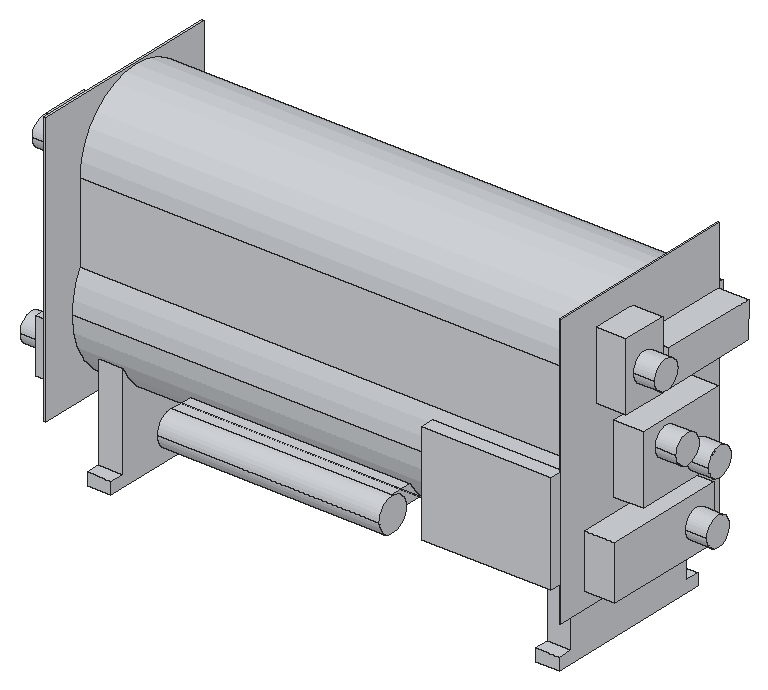
Revit family "M_Resfriador de absorção - Fase única - 3428-4747 kW", category Equipamento mecânico, Revit 2019
Family settings
  Cota do conector redondo = Usar raio
  Tipo de parte = Normal
  Número OmniClass = 23.75.10.24.21.21.11
  Título OmniClass = Absorption Water Chillers
  ID de item do Seek = Absorption Chiller - Single-Stage - 3428-4747 kW-0000-CAN-ENU
  Com base no plano de trabalho = Não
  Sempre na vertical = Sim
  Corte com vazios quando carregada = Não
  Compartilhado = Não
  Ponto de cálculo do ambiente = Não
Parameters (values of type "3428 kW")
  Voltagem = 480 V
  Número de pólos = 3
  Classificação de carga = Refrigeração
  Comprimento 1 = 5258 mm
  Raio da água resfriada = Diâmetro da água resfriada / 2  # 150 mm
  Diâmetro da água resfriada = 300 mm
  Fluxo da água resfriada [instance] = 151.0 L/s
  Queda de pressão da fonte de energia [instance] = 97100.0 Pa
  Queda de pressão da refrigeração da água [instance] = 97100.0 Pa
  Raio da água da refrigeração = Diâmetro da água da refrigeração / 2  # 150 mm
  Diâmetro da água da refrigeração = 300 mm
  Fluxo da água da refrigeração [instance] = 221.0 L/s
  Material do resfriador = none
  Comprimento do resfriador = 6604 mm
  Queda de pressão da água resfriada [instance] = 54500.0 Pa
  Carga aparente = 13000 VA
  Raio da fonte de energia = Diâmetro da fonte de energia / 2  # 150 mm
  Diâmetro da fonte de energia = 300 mm
  Fluxo da água quente [instance] = 221.0 L/s
Types (5, lengths in mm): name | Comprimento 1 | Fluxo da água resfriada | Queda de pressão da fonte de energia | Queda de pressão da refrigeração da água | Fluxo da água da refrigeração | Comprimento do resfriador | Queda de pressão da água resfriada | Carga aparente | Fluxo da água quente
  (no name) | 5258 | 151.0 L/s | 97100.0 Pa | 97100.0 Pa | 221.0 L/s | 6604 | 54500.0 Pa | 13000 VA | 221.0 L/s
  3428 kW | 5258 | 151.0 L/s | 97100.0 Pa | 97100.0 Pa | 221.0 L/s | 6604 | 54500.0 Pa | 13000 VA | 221.0 L/s
  3868 kW | 5868 | 167.0 L/s | 58300.0 Pa | 58300.0 Pa | 250.0 L/s | 7214 | 71300.0 Pa | 14900 VA | 250.0 L/s
  4307 kW | 6477 | 187.0 L/s | 74500.0 Pa | 74500.0 Pa | 278.0 L/s | 7823 | 94700.0 Pa | 14900 VA | 278.0 L/s
  4747 kW | 7087 | 207.0 L/s | 10600.0 Pa | 10600.0 Pa | 307.0 L/s | 8433 | 122000.0 Pa | 14900 VA | 307.0 L/s
Reference planes
  plane 1 "Centro (Frente/Trás)": y = 0
  plane 2: z = 0
  plane 3 "Centro (Esquerda/Direita)": x = 0
  plane 4: x = 241.3
  plane 5: x = 222.25
  plane 6: z = 650.875
  plane 7: y = -279.4
  plane 8: y = 1816.1
  plane 9: z = 3543.3
  plane 10: x = 796.925
  plane 11: x = -5807.075
  plane 12: x = -5251.45
  plane 13: x = -5222.875
  plane 14: y = 914.4
  plane 15: z = 1524
  plane 16: y = 160.337
  plane 17: y = 1668.462
  plane 18: z = 2781.3
  plane 19: z = 830.262
  plane 20: z = 1404.937
  plane 21: y = 1336.675
  plane 22: y = 25.4
  plane 23: x = 565.15
  plane 24: x = -5575.3
  plane 25: z = 2289.175
  plane 26: z = 1562.1
  plane 27: y = 409.575
  plane 28: y = 1406.525
  plane 29: z = 2938.462
  plane 30: z = 3271.837
  plane 31: z = 2554.287
  plane 32: y = 417.512
  plane 33: y = 174.625
  plane 34: y = 660.4
  plane 35: y = 746.125
  plane 36: y = 1797.05
  plane 37: z = 2909.887
  plane 38: z = 2079.625
  plane 39: y = 701.675
  plane 40: y = 1127.125
  plane 41: z = 1771.65
  plane 42: y = 1104.9
  plane 43: z = 1117.6
  plane 44: y = 257.175
  plane 45: y = 1828.8
  plane 46: z = 127
  plane 47: y = 152.4
  plane 48: y = 1676.4
  plane 49: x = -250.825
  plane 50: x = -5010.15
  plane 51: x = -4759.325
  plane 52: z = 1016
  plane 53: z = 2082.8
  plane 54: x = -1149.35
  plane 55: y = -393.7
  plane 56: y = -239.713
  plane 57: x = -339.725
  plane 58: z = 1028.7
  plane 59: z = 2501.9
  plane 60: z = 2900.362
  plane 61: x = -730.25
  plane 62: x = 149.225
  plane 63: y = 1978.025
  plane 64: x = -614.362
  plane 65: x = -5016.7
  plane 66: z = 817.562
  plane 67: z = 944.562
  plane 68: x = -741.362
  plane 69: x = -4889.7
  plane 70: y = 1855.787
  plane 71: z = 2528.887
  plane 72: z = 2401.887
  plane 73: y = 1728.787
  plane 74: x = -4746.625
  plane 75: x = -4175.125
  plane 76: z = 65.087
  plane 77: z = 928.687
  plane 78: y = 1616.075
  plane 79: z = 920.75
  plane 80: y = -79.375
  plane 81: x = -1708.15
  plane 82: x = -4059.237
  plane 83: z = 1098.55
  plane 84: x = -4046.537
  plane 85: x = -1720.85
  plane 86: x = -463.55
  plane 87: z = 1168.4
Forms (mm)
  Extrusion 1, solid, material <- "Material do resfriador"
    sketch origin (0, 0, 0) x (0, 1, 0) y (0, 0, 1)
      loop
        line (-279.4, 3543.3) -> (-279.4, 650.875) -> (1816.1, 650.875) -> (1816.1, 3543.3) -> (-279.4, 3543.3)
    from 222.25 to 241.3
  Extrusion 2, solid, material <- "Material do resfriador"
    sketch origin (0, 0, 0) x (0, 1, 0) y (0, 0, 1)
      loop
        line (-279.4, 3543.3) -> (-279.4, 650.875) -> (1816.1, 650.875) -> (1816.1, 3543.3) -> (-279.4, 3543.3)
    from -5251.45 to -5222.875
  Extrusion 3, solid, material <- "Material do resfriador"
    sketch origin (0, 0, 0) x (0, 1, 0) y (0, 0, 1)
      loop
        circle (914.4, 1524) r 856.456
    from -5222.875 to 222.25
  Extrusion 4, solid, material <- "Material do resfriador"
    sketch origin (0, 0, 0) x (0, 1, 0) y (0, 0, 1)
      loop
        arc (1668.462, 2781.3) -> (914.4, 3535.362) -> (160.337, 2781.3) r 754.063
        line (160.337, 2781.3) -> (160.337, 1524) -> (1668.462, 1524) -> (1668.462, 2781.3)
    from 222.25 to -5222.875
  Extrusion 5, solid, material <- "Material do resfriador"
    sketch origin (0, 0, 0) x (0, 1, 0) y (0, 0, 1)
      loop
        line (25.4, 1404.937) -> (25.4, 830.262) -> (1336.675, 830.262) -> (1336.675, 1404.937) -> (25.4, 1404.937)
    from 241.3 to 565.15
  Extrusion 6, solid, material <- "Material do resfriador"
    sketch origin (0, 0, 0) x (0, 1, 0) y (0, 0, 1)
      loop
        line (25.4, 1404.937) -> (25.4, 830.262) -> (1336.675, 830.262) -> (1336.675, 1404.937) -> (25.4, 1404.937)
    from -5575.3 to -5251.45
  Extrusion 7, solid, material <- "Material do resfriador"
    sketch origin (0, 0, 0) x (0, 1, 0) y (0, 0, 1)
      loop
        line (409.575, 2289.175) -> (409.575, 1562.1) -> (1406.525, 1562.1) -> (1406.525, 2289.175) -> (409.575, 2289.175)
    from 241.3 to 565.15
  Extrusion 8, solid, material <- "Material do resfriador"
    sketch origin (0, 0, 0) x (0, 1, 0) y (0, 0, 1)
      loop
        line (409.575, 2289.175) -> (409.575, 1562.1) -> (1406.525, 1562.1) -> (1406.525, 2289.175) -> (409.575, 2289.175)
    from -5251.45 to -5575.3
  Extrusion 9, solid, material <- "Material do resfriador"
    sketch origin (0, 0, 0) x (0, 1, 0) y (0, 0, 1)
      loop
        line (174.625, 3271.837) -> (174.625, 2554.287) -> (660.4, 2554.287) -> (660.4, 3271.837) -> (174.625, 3271.837)
    from 241.3 to 565.15
  Extrusion 10, solid, material <- "Material do resfriador"
    sketch origin (0, 0, 0) x (0, 1, 0) y (0, 0, 1)
      loop
        line (174.625, 3271.837) -> (174.625, 2554.287) -> (660.4, 2554.287) -> (660.4, 3271.837) -> (174.625, 3271.837)
    from -5575.3 to -5251.45
  Extrusion 11, solid, material <- "Material do resfriador"
    sketch origin (0, 0, 0) x (0, 1, 0) y (0, 0, 1)
      loop
        line (746.125, 2938.462) -> (746.125, 2554.287) -> (1797.05, 2554.287) -> (1797.05, 2938.462) -> (746.125, 2938.462)
    from 241.3 to 565.15
  Extrusion 12, solid, material <- "Material do resfriador"
    sketch origin (0, 0, 0) x (0, 1, 0) y (0, 0, 1)
      loop
        line (746.125, 2938.462) -> (746.125, 2554.287) -> (1797.05, 2554.287) -> (1797.05, 2938.462) -> (746.125, 2938.462)
    from -5575.3 to -5251.45
  Extrusion 13, solid, material <- "Material do resfriador"
    sketch origin (0, 0, 0) x (0, 1, 0) y (0, 0, 1)
      loop
        circle (417.512, 2909.887) r 150
    from 565.15 to 796.925
  Extrusion 14, solid, material <- "Material do resfriador"
    sketch origin (0, 0, 0) x (0, 1, 0) y (0, 0, 1)
      loop
        circle (701.675, 2079.625) r 150
      loop
        circle (1127.125, 1771.65) r 150
    from 565.15 to 796.925
  Extrusion 15, solid, material <- "Material do resfriador"
    sketch origin (0, 0, 0) x (0, 1, 0) y (0, 0, 1)
      loop
        circle (1104.9, 1117.6) r 150
    from 565.15 to 796.925
  Extrusion 16, solid, material <- "Material do resfriador"
    sketch origin (0, 0, 0) x (0, 1, 0) y (0, 0, 1)
      loop
        circle (417.512, 2909.887) r 150
    from -5807.075 to -5575.3
  Extrusion 17, solid, material <- "Material do resfriador"
    sketch origin (0, 0, 0) x (0, 1, 0) y (0, 0, 1)
      loop
        circle (257.175, 1117.6) r 150
    from -5807.075 to -5575.3
  Extrusion 18, solid, material <- "Material do resfriador"
    sketch origin (0, 0, 0) x (0, 1, 0) y (0, 0, 1)
      loop
        line (0, 127) -> (0, 0) -> (1828.8, 0) -> (1828.8, 127) -> (1676.4, 127) -> (1676.4, 1524) -> (152.4, 1524) -> (152.4, 127) -> (0, 127)
    from -250.825 to 0
  Extrusion 19, solid, material <- "Material do resfriador"
    sketch origin (0, 0, 0) x (0, 1, 0) y (0, 0, 1)
      loop
        line (0, 127) -> (0, 0) -> (1828.8, 0) -> (1828.8, 127) -> (1676.4, 127) -> (1676.4, 1524) -> (152.4, 1524) -> (152.4, 127) -> (0, 127)
    from -5010.15 to -4759.325
  Extrusion 20, solid, material <- "Material do resfriador"
    sketch origin (0, 0, 0) x (1, 0, 0) y (0, 0, 1)
      loop
        line (-1149.35, 2082.8) -> (-1149.35, 1016) -> (222.25, 1016) -> (222.25, 2082.8) -> (-1149.35, 2082.8)
    from 239.712 to 393.7
  Extrusion 21, solid, material <- "Material do resfriador"
    sketch origin (0, 0, 0) x (1, 0, 0) y (0, 0, 1)
      loop
        line (-1149.35, 1028.7) -> (-1149.35, 1016) -> (-339.725, 1016) -> (-339.725, 1028.7) -> (-1149.35, 1028.7)
    from -914.4 to 239.712
  Extrusion 22, solid, material <- "Material do resfriador"
    sketch origin (0, 0, 0) x (1, 0, 0) y (0, 0, 1)
      loop
        line (149.225, 2900.362) -> (-730.25, 2900.362) -> (-730.25, 2501.9) -> (149.225, 2501.9) -> (149.225, 2900.362)
    from -1978.025 to -914.4
  Sweep 23, solid, material <- "Material do resfriador"
    path in 3D
      loop
        line (-614.362, 1855.787, 2501.9) -> (-614.362, 1855.787, 944.562)
        arc (-614.362, 1855.787, 944.562) -> (-651.56, 1855.787, 854.76) -> (-741.362, 1855.787, 817.562) r 127
        line (-741.362, 1855.787, 817.562) -> (-4889.7, 1855.787, 817.562)
        arc (-4889.7, 1855.787, 817.562) -> (-4979.503, 1855.787, 854.76) -> (-5016.7, 1855.787, 944.562) r 127
        line (-5016.7, 1855.787, 944.562) -> (-5016.7, 1855.787, 2401.887)
        arc (-5016.7, 1855.787, 2401.887) -> (-5016.7, 1818.59, 2491.69) -> (-5016.7, 1728.787, 2528.887) r 127
        line (-5016.7, 1728.787, 2528.887) -> (-5016.7, 914.4, 2528.887)
    profile origin (-5016.7, 1321.594, 2528.887) x (0, 0, 1) y (-1, 0, 0)
      loop
        circle (0, 0) r 50.8
  Extrusion 24, solid, material <- "Material do resfriador"
    sketch origin (0, 0, 0) x (1, 0, 0) y (0, 0, 1)
      loop
        line (-4175.125, 928.687) -> (-4746.625, 928.687) -> (-4746.625, 65.087) -> (-4175.125, 65.087) -> (-4175.125, 928.687)
    from -1978.025 to -1616.075
  Extrusion 25, solid, material <- "Material do resfriador"
    sketch origin (0, 0, 0) x (0, 1, 0) y (0, 0, 1)
      loop
        circle (-79.375, 920.75) r 177.8
    from -4059.238 to -1708.15
  Extrusion 26, solid, material <- "Material do resfriador"
    sketch origin (0, 0, 0) x (0, 1, 0) y (0, 0, 1)
      loop
        line (914.4, 1098.55) -> (-79.375, 1098.55) -> (-79.375, 920.75) -> (914.4, 920.75) -> (914.4, 1098.55)
    from -4046.538 to -1720.85
  Extrusion 27, solid, material <- "Material do resfriador"
    sketch origin (0, 0, 0) x (1, 0, 0) y (0, 0, 1)
      loop
        circle (-463.55, 1168.4) r 31.75
    from 239.712 to 393.7
Cuts and joins
  joined: Extrusion 1, Extrusion 2, Extrusion 3, Extrusion 4, Extrusion 5, Extrusion 6, Extrusion 7, Extrusion 8, Extrusion 9, Extrusion 10, Extrusion 11, Extrusion 12, Extrusion 13, Extrusion 14, Extrusion 15, Extrusion 16, Extrusion 17, Extrusion 18, Extrusion 19, Extrusion 20, Extrusion 21, Extrusion 22, Sweep 23, Extrusion 24, Extrusion 25, Extrusion 26, Extrusion 27
Lines and regions (mm)
  reference lines
    curve 1: line (-614.362, 1855.787, 2501.9) -> (-614.362, 1855.787, 944.562)
    curve 2: line (-741.362, 1855.787, 817.562) -> (-4889.7, 1855.787, 817.562)
    curve 3: line (-5016.7, 1855.787, 2401.887) -> (-5016.7, 1855.787, 944.562)
    curve 4: arc (-614.362, 1855.787, 944.562) -> (-651.56, 1855.787, 854.76) -> (-741.362, 1855.787, 817.562) r 127
    curve 5: arc (-4889.7, 1855.787, 817.562) -> (-4979.503, 1855.787, 854.76) -> (-5016.7, 1855.787, 944.562) r 127
    curve 6: line (-5016.7, 1728.787, 2528.887) -> (-5016.7, 914.4, 2528.887)
    curve 7: arc (-5016.7, 1728.787, 2528.887) -> (-5016.7, 1818.59, 2491.69) -> (-5016.7, 1855.787, 2401.887) r 127
  sketch lines
    curve 8: line (-5016.7, 1728.787, 2528.887) -> (-5016.7, 914.4, 2528.887)
    curve 9: arc (-5016.7, 1728.787, 2528.887) -> (-5016.7, 1818.59, 2491.69) -> (-5016.7, 1855.787, 2401.887) r 127
    curve 10: line (-5016.7, 1855.787, 2401.887) -> (-5016.7, 1855.787, 944.562)
    curve 11: arc (-4889.7, 1855.787, 817.562) -> (-4979.503, 1855.787, 854.76) -> (-5016.7, 1855.787, 944.562) r 127
    curve 12: line (-741.362, 1855.787, 817.562) -> (-4889.7, 1855.787, 817.562)
    curve 13: arc (-614.362, 1855.787, 944.562) -> (-651.56, 1855.787, 854.76) -> (-741.362, 1855.787, 817.562) r 127
    curve 14: line (-614.362, 1855.787, 2501.9) -> (-614.362, 1855.787, 944.562)
Dimensions and locks
  locked: plane 4 to plane 3 "Centro (Esquerda/Direita)" at 241.3
  locked: plane 4 to plane 5 at 19.05
  locked: plane 6 to plane 2 at 650.875
  locked: plane 7 to plane 1 "Centro (Frente/Trás)" at 279.4
  locked: plane 1 "Centro (Frente/Trás)" to plane 8 at 1816.1
  locked: plane 9 to plane 2 at 3543.3
  locked: plane 10 to plane 4 at 555.625
  "Comprimento do resfriador": plane 10 to plane 11
  locked: plane 12 to plane 11 at 555.625
  locked: plane 13 to plane 12 at 28.575
  locked: plane 1 "Centro (Frente/Trás)" to plane 14 at 914.4
  locked: plane 15 to plane 2 at 1524
  equal spacing: plane 16, plane 14, plane 17
  locked: plane 16 to plane 17 at 1508.125
  locked: plane 18 to plane 15 at 1257.3
  locked: plane 19 to plane 6 at 179.388
  locked: plane 20 to plane 19 at 574.675
  locked: plane 1 "Centro (Frente/Trás)" to plane 22 at 25.4
  locked: plane 22 to plane 21 at 1311.275
  locked: plane 10 to plane 23 at 231.775
  locked: plane 24 to plane 11 at 231.775
  locked: plane 25 to plane 2 at 2289.175
  locked: plane 25 to plane 26 at 727.075
  locked: plane 1 "Centro (Frente/Trás)" to plane 27 at 409.575
  locked: plane 27 to plane 28 at 996.95
  locked: plane 29 to plane 2 at 2938.463
  locked: plane 9 to plane 30 at 271.463
  locked: plane 30 to plane 31 at 717.55
  locked: plane 1 "Centro (Frente/Trás)" to plane 32 at 417.512
  locked: plane 33 to plane 34 at 485.775
  equal spacing: plane 33, plane 32, plane 34
  locked: plane 34 to plane 35 at 85.725
  locked: plane 35 to plane 36 at 1050.925
  locked: plane 37 to plane 2 at 2909.888
  locked: plane 38 to plane 2 at 2079.625
  locked: plane 1 "Centro (Frente/Trás)" to plane 39 at 701.675
  locked: plane 39 to plane 40 at 425.45
  locked: plane 41 to plane 2 at 1771.65
  locked: plane 43 to plane 2 at 1117.6
  locked: plane 1 "Centro (Frente/Trás)" to plane 44 at 257.175
  locked: plane 14 to plane 45 at 914.4
  locked: plane 46 to plane 2 at 127
  locked: plane 1 "Centro (Frente/Trás)" to plane 47 at 152.4
  locked: plane 48 to plane 45 at 152.4
  locked: plane 3 "Centro (Esquerda/Direita)" to plane 49 at 250.825
  locked: plane 50 to plane 12 at 241.3
  locked: plane 51 to plane 50 at 250.825
  locked: plane 52 to plane 2 at 1016
  locked: plane 53 to plane 52 at 1066.8
  locked: plane 5 to plane 54 at 1371.6
  locked: plane 55 to plane 1 "Centro (Frente/Trás)" at 393.7
  locked: plane 55 to plane 56 at 153.988
  locked: plane 57 to plane 54 at 809.625
  locked: plane 58 to plane 52 at 12.7
  locked: plane 2 to plane 59 at 2501.9
  locked: plane 59 to plane 60 at 398.462
  locked: plane 61 to plane 4 at 971.55
  locked: plane 61 to plane 62 at 879.475
  locked: plane 14 to plane 63 at 1063.625
  locked: plane 64 to plane 3 "Centro (Esquerda/Direita)" at 614.363
  "Comprimento 1": plane 65 to plane 4
  locked: plane 2 to plane 66 at 817.562
  locked: plane 66 to plane 67 at 127
  locked: plane 68 to plane 64 at 127
  locked: plane 65 to plane 69 at 127
  locked: plane 14 to plane 70 at 941.388
  locked: plane 66 to plane 71 at 1711.325
  locked: plane 72 to plane 71 at 127
  locked: plane 73 to plane 70 at 127
  locked: plane 42 to plane 21 at 231.775
  locked: plane 3 "Centro (Esquerda/Direita)" to plane 74 at 4746.625
  locked: plane 74 to plane 75 at 571.5
  locked: plane 2 to plane 76 at 65.088
  locked: plane 76 to plane 77 at 863.6
  locked: plane 78 to plane 63 at 361.95
  locked: plane 79 to plane 2 at 920.75
  locked: plane 14 to plane 80 at 993.775
  locked: plane 3 "Centro (Esquerda/Direita)" to plane 81 at 1708.15
  locked: plane 81 to plane 82 at 2351.088
  locked: plane 83 to plane 79 at 177.8
  locked: plane 84 to plane 82 at 12.7
  locked: plane 81 to plane 85 at 12.7
  equal spacing: plane 5, plane 86, plane 54
  locked: plane 87 to plane 52 at 152.4
  radius of Extrusion 3 sketch curve = 856.456 mm
  radius of Extrusion 4 sketch curve = 754.063 mm
  "Raio da água da refrigeração": radius of Extrusion 13 sketch curve
  "Raio da água resfriada": radius of Extrusion 14 sketch curve  (x2)
  "Raio da fonte de energia": radius of Extrusion 15 sketch curve
  "Raio da água da refrigeração": radius of Extrusion 16 sketch curve
  "Raio da fonte de energia": radius of Extrusion 17 sketch curve
  radius of curve 4 = 127 mm
  radius of curve 5 = 127 mm
  radius of curve 7 = 127 mm
  radius of Sweep 23 sketch curve = 50.8 mm
  radius of Extrusion 25 sketch curve = 177.8 mm
  radius of Extrusion 27 sketch curve = 31.75 mm
  aligned and locked: plane 7 to Extrusion 1 sketch curve
  aligned and locked: Extrusion 1 sketch curve to plane 9
  aligned and locked: plane 6 to Extrusion 1 sketch curve
  aligned and locked: Extrusion 1 sketch curve to plane 8
  aligned and locked: plane 4 to Extrusion 1
  aligned and locked: Extrusion 1 to plane 5
  aligned and locked: Extrusion 2 sketch curve to plane 9
  aligned and locked: plane 7 to Extrusion 2 sketch curve
  aligned and locked: plane 6 to Extrusion 2 sketch curve
  aligned and locked: Extrusion 2 sketch curve to plane 8
  aligned and locked: Extrusion 2 to plane 12
  aligned and locked: plane 13 to Extrusion 2
  aligned and locked: plane 14 to Extrusion 3 sketch curve
  aligned and locked: plane 15 to Extrusion 3 sketch curve
  aligned and locked: Extrusion 3 to plane 13
  aligned and locked: plane 5 to Extrusion 3
  aligned and locked: plane 18 to Extrusion 4 sketch curve  (x3)
  aligned and locked: plane 15 to Extrusion 4 sketch curve
  aligned and locked: Extrusion 4 sketch curve to plane 17
  aligned and locked: plane 17 to Extrusion 4 sketch curve
  aligned and locked: plane 16 to Extrusion 4 sketch curve
  aligned and locked: Extrusion 4 sketch curve to plane 15
  aligned and locked: plane 5 to Extrusion 4
  aligned and locked: Extrusion 4 to plane 13
  aligned and locked: plane 22 to Extrusion 5 sketch curve
  aligned and locked: Extrusion 5 sketch curve to plane 20
  aligned and locked: plane 19 to Extrusion 5 sketch curve
  aligned and locked: Extrusion 5 sketch curve to plane 21
  aligned and locked: plane 23 to Extrusion 5
  aligned and locked: Extrusion 5 to plane 4
  aligned and locked: plane 22 to Extrusion 6 sketch curve
  aligned and locked: Extrusion 6 sketch curve to plane 20
  aligned and locked: plane 19 to Extrusion 6 sketch curve
  aligned and locked: Extrusion 6 sketch curve to plane 21
  aligned and locked: Extrusion 6 to plane 24
  aligned and locked: plane 12 to Extrusion 6
  aligned and locked: plane 27 to Extrusion 7 sketch curve
  aligned and locked: Extrusion 7 sketch curve to plane 25
  aligned and locked: plane 26 to Extrusion 7 sketch curve
  aligned and locked: Extrusion 7 sketch curve to plane 28
  aligned and locked: plane 23 to Extrusion 7
  aligned and locked: Extrusion 7 to plane 4
  aligned and locked: Extrusion 8 sketch curve to plane 25
  aligned and locked: Extrusion 8 sketch curve to plane 28
  aligned and locked: plane 27 to Extrusion 8 sketch curve
  aligned and locked: plane 26 to Extrusion 8 sketch curve
  aligned and locked: Extrusion 8 to plane 24
  aligned and locked: plane 12 to Extrusion 8
  aligned and locked: plane 33 to Extrusion 9 sketch curve
  aligned and locked: Extrusion 9 sketch curve to plane 30
  aligned and locked: plane 31 to Extrusion 9 sketch curve
  aligned and locked: Extrusion 9 sketch curve to plane 34
  aligned and locked: plane 23 to Extrusion 9
  aligned and locked: Extrusion 9 to plane 4
  aligned and locked: Extrusion 10 sketch curve to plane 30
  aligned and locked: plane 33 to Extrusion 10 sketch curve
  aligned and locked: plane 31 to Extrusion 10 sketch curve
  aligned and locked: Extrusion 10 sketch curve to plane 34
  aligned and locked: Extrusion 10 to plane 24
  aligned and locked: plane 12 to Extrusion 10
  aligned and locked: plane 35 to Extrusion 11 sketch curve
  aligned and locked: Extrusion 11 sketch curve to plane 29
  aligned and locked: plane 31 to Extrusion 11 sketch curve
  aligned and locked: Extrusion 11 sketch curve to plane 36
  aligned and locked: plane 23 to Extrusion 11
  aligned and locked: Extrusion 11 to plane 4
  aligned and locked: Extrusion 12 sketch curve to plane 29
  aligned and locked: plane 35 to Extrusion 12 sketch curve
  aligned and locked: plane 31 to Extrusion 12 sketch curve
  aligned and locked: Extrusion 12 sketch curve to plane 36
  aligned and locked: Extrusion 12 to plane 24
  aligned and locked: plane 12 to Extrusion 12
  aligned and locked: plane 32 to Extrusion 13 sketch curve
  aligned and locked: plane 37 to Extrusion 13 sketch curve
  aligned and locked: plane 10 to Extrusion 13
  aligned and locked: Extrusion 13 to plane 23
  aligned and locked: plane 39 to Extrusion 14 sketch curve
  aligned and locked: plane 38 to Extrusion 14 sketch curve
  aligned and locked: plane 41 to Extrusion 14 sketch curve
  aligned and locked: plane 40 to Extrusion 14 sketch curve
  aligned and locked: plane 10 to Extrusion 14
  aligned and locked: Extrusion 14 to plane 23
  aligned and locked: plane 43 to Extrusion 15 sketch curve
  aligned and locked: plane 42 to Extrusion 15 sketch curve
  aligned and locked: plane 10 to Extrusion 15
  aligned and locked: Extrusion 15 to plane 23
  aligned and locked: plane 32 to Extrusion 16 sketch curve
  aligned and locked: plane 37 to Extrusion 16 sketch curve
  aligned and locked: Extrusion 16 to plane 11
  aligned and locked: plane 24 to Extrusion 16
  aligned and locked: plane 43 to Extrusion 17 sketch curve
  aligned and locked: plane 44 to Extrusion 17 sketch curve
  aligned and locked: Extrusion 17 to plane 11
  aligned and locked: plane 24 to Extrusion 17
  aligned and locked: plane 1 "Centro (Frente/Trás)" to Extrusion 18 sketch curve  (x2)
  aligned and locked: Extrusion 18 sketch curve to plane 46  (x2)
  aligned and locked: plane 46 to Extrusion 18 sketch curve  (x2)
  aligned and locked: plane 47 to Extrusion 18 sketch curve  (x2)
  aligned and locked: plane 45 to Extrusion 18 sketch curve
  aligned and locked: Extrusion 18 sketch curve to plane 2
  aligned and locked: plane 2 to Extrusion 18 sketch curve
  aligned and locked: Extrusion 18 sketch curve to plane 45
  aligned and locked: plane 15 to Extrusion 18 sketch curve
  aligned and locked: Extrusion 18 sketch curve to plane 48
  aligned and locked: Extrusion 18 sketch curve to plane 15
  aligned and locked: Extrusion 18 to plane 49
  aligned and locked: plane 3 "Centro (Esquerda/Direita)" to Extrusion 18
  aligned and locked: plane 47 to Extrusion 19 sketch curve  (x2)
  aligned and locked: Extrusion 19 sketch curve to plane 46
  aligned and locked: plane 1 "Centro (Frente/Trás)" to Extrusion 19 sketch curve  (x2)
  aligned and locked: plane 46 to Extrusion 19 sketch curve  (x3)
  aligned and locked: plane 15 to Extrusion 19 sketch curve  (x2)
  aligned and locked: plane 45 to Extrusion 19 sketch curve  (x2)
  aligned and locked: Extrusion 19 sketch curve to plane 2
  aligned and locked: plane 2 to Extrusion 19 sketch curve
  aligned and locked: plane 48 to Extrusion 19 sketch curve  (x2)
  aligned and locked: Extrusion 19 to plane 50
  aligned and locked: plane 51 to Extrusion 19
  aligned and locked: Extrusion 20 sketch curve to plane 53
  aligned and locked: plane 54 to Extrusion 20 sketch curve
  aligned and locked: Extrusion 20 sketch curve to plane 5
  aligned and locked: plane 52 to Extrusion 20 sketch curve
  aligned and locked: Extrusion 20 to plane 55
  aligned and locked: plane 56 to Extrusion 20
  aligned and locked: plane 52 to Extrusion 21 sketch curve
  aligned and locked: Extrusion 21 sketch curve to plane 58
  aligned and locked: plane 54 to Extrusion 21 sketch curve
  aligned and locked: Extrusion 21 sketch curve to plane 57
  aligned and locked: Extrusion 21 to plane 56
  aligned and locked: plane 14 to Extrusion 21
  aligned and locked: plane 62 to Extrusion 22 sketch curve
  aligned and locked: plane 60 to Extrusion 22 sketch curve
  aligned and locked: plane 59 to Extrusion 22 sketch curve
  aligned and locked: plane 61 to Extrusion 22 sketch curve
  aligned and locked: plane 63 to Extrusion 22
  aligned and locked: Extrusion 22 to plane 14
  aligned and locked: plane 72 to curve 3
  aligned and locked: plane 67 to curve 3
  aligned and locked: curve 3 to plane 65
  aligned and locked: plane 69 to curve 2
  aligned and locked: plane 68 to curve 2
  aligned and locked: curve 2 to plane 66
  aligned and locked: plane 59 to curve 1
  aligned and locked: plane 67 to curve 1
  aligned and locked: curve 1 to plane 64
  aligned and locked: plane 68 to curve 4
  aligned and locked: plane 67 to curve 5
  aligned and locked: plane 69 to curve 5
  aligned and locked: plane 14 to curve 6
  aligned and locked: plane 73 to curve 6
  aligned and locked: plane 72 to curve 7
  aligned and locked: plane 73 to curve 7
  aligned and locked: plane 65 to Sweep 23 sketch curve
  aligned and locked: plane 71 to Sweep 23 sketch curve
  aligned and locked: plane 75 to Extrusion 24 sketch curve
  aligned and locked: plane 77 to Extrusion 24 sketch curve
  aligned and locked: plane 76 to Extrusion 24 sketch curve
  aligned and locked: plane 74 to Extrusion 24 sketch curve
  aligned and locked: Extrusion 24 to plane 63
  aligned and locked: Extrusion 24 to plane 78
  aligned and locked: plane 79 to Extrusion 25 sketch curve
  aligned and locked: plane 80 to Extrusion 25 sketch curve
  aligned and locked: Extrusion 25 to plane 82
  aligned and locked: plane 81 to Extrusion 25
  aligned and locked: Extrusion 26 sketch curve to plane 83
  aligned and locked: Extrusion 26 sketch curve to plane 14
  aligned and locked: Extrusion 26 sketch curve to plane 80
  aligned and locked: plane 79 to Extrusion 26 sketch curve
  aligned and locked: plane 85 to Extrusion 26
  aligned and locked: Extrusion 26 to plane 84
  aligned and locked: Extrusion 27 to plane 55
  aligned and locked: plane 56 to Extrusion 27
Automatic sketch dimensions
  Extrusion 27 sketch curve to plane 86 = 0 mm
  Extrusion 27 sketch curve to plane 87 = 0 mm
Connectors
  piping at (796.925, 1127.125, 1771.65), diameter 300, driven by "Fluxo da água resfriada", driven by "Raio da água resfriada", driven by "Queda de pressão da água resfriada"
    settings: on cut or joined group 1 (Extrusion 1, Extrusion 2, Extrusion 3, Extrusion 4, Extrusion 5, Extrusion 6, Extrusion 7, Extrusion 8, Extrusion 9, Extrusion 10, Extrusion 11, Extrusion 12, Extrusion 13, Extrusion 14, Extrusion 15, Extrusion 16, Extrusion 17, Extrusion 18, Extrusion 19, Extrusion 20, Extrusion 21, Extrusion 22, Sweep 23, Extrusion 24, Extrusion 25, Extrusion 26, Extrusion 27), index 1, connector inside diameter 300 mm, connector length 0 mm, flow factor 0, pipe flow 151.0 L/s, pressure drop 54500.0 Pa, fitting loss kfactor 0, connector angle 0.00°, fixture units 0, engagement length 0 mm, angle of deflection 0.00°, flow configuration 1, flow direction 2, fitting loss method 4, system type 7, joint type 0, gender type 0, connector reference index 2, connector utility 0, adjustable connector no, is connector primary yes, connector description "Saída de água resfriada"
  piping at (796.925, 701.675, 2079.625), diameter 300, driven by "Fluxo da água resfriada", driven by "Raio da água resfriada"
    settings: on cut or joined group 1, index 2, connector inside diameter 300 mm, connector length 0 mm, flow factor 0, pipe flow 151.0 L/s, pressure drop 0.0 Pa, fitting loss kfactor 0, connector angle 0.00°, fixture units 0, engagement length 0 mm, angle of deflection 0.00°, flow configuration 0, flow direction 1, fitting loss method 4, system type 8, joint type 0, gender type 0, connector reference index 1, connector utility 0, adjustable connector no, is connector primary no, connector description "Entrada de água resfriada"
  piping at (796.925, 417.512, 2909.887), diameter 300, driven by "Fluxo da água da refrigeração", driven by "Raio da água da refrigeração", driven by "Queda de pressão da refrigeração da água"
    settings: on cut or joined group 1, index 3, connector inside diameter 300 mm, connector length 0 mm, flow factor 0, pipe flow 221.0 L/s, pressure drop 97100.0 Pa, fitting loss kfactor 0, connector angle 0.00°, fixture units 0, engagement length 0 mm, angle of deflection 0.00°, flow configuration 1, flow direction 2, fitting loss method 4, system type 8, joint type 0, gender type 0, connector reference index 4, connector utility 0, adjustable connector no, is connector primary no, connector description "Saída da água da refrigeração"
  piping at (-5807.075, 417.512, 2909.887), diameter 300, driven by "Fluxo da água da refrigeração", driven by "Raio da água da refrigeração"
    settings: on cut or joined group 1, index 4, connector inside diameter 300 mm, connector length 0 mm, flow factor 0, pipe flow 221.0 L/s, pressure drop 0.0 Pa, fitting loss kfactor 0, connector angle 0.00°, fixture units 0, engagement length 0 mm, angle of deflection 0.00°, flow configuration 1, flow direction 1, fitting loss method 4, system type 7, joint type 0, gender type 0, connector reference index 3, connector utility 0, adjustable connector no, is connector primary no, connector description "Entrada da água da refrigeração"
  piping at (796.925, 1104.9, 1117.6), diameter 300, driven by "Fluxo da água quente", driven by "Raio da fonte de energia", driven by "Queda de pressão da fonte de energia"
    settings: on cut or joined group 1, index 5, connector inside diameter 300 mm, connector length 0 mm, flow factor 0, pipe flow 221.0 L/s, pressure drop 97100.0 Pa, fitting loss kfactor 0, connector angle 0.00°, fixture units 0, engagement length 0 mm, angle of deflection 0.00°, flow configuration 1, flow direction 2, fitting loss method 4, system type 8, joint type 0, gender type 0, connector reference index 6, connector utility 0, adjustable connector no, is connector primary no, connector description "Saída de água quente"
  piping at (-5807.075, 257.175, 1117.6), diameter 300, driven by "Fluxo da água quente", driven by "Raio da fonte de energia"
    settings: on cut or joined group 1, index 6, connector inside diameter 300 mm, connector length 0 mm, flow factor 0, pipe flow 221.0 L/s, pressure drop 0.0 Pa, fitting loss kfactor 0, connector angle 0.00°, fixture units 0, engagement length 0 mm, angle of deflection 0.00°, flow configuration 1, flow direction 1, fitting loss method 4, system type 7, joint type 0, gender type 0, connector reference index 5, connector utility 0, adjustable connector no, is connector primary no, connector description "Entrada de água quente"
  electrical at (-463.55, -239.713, 1168.4), driven by "Carga aparente", driven by "Voltagem", driven by "Número de pólos", driven by "Classificação de carga"
    settings: on Extrusion 27, index 7, voltage 480 V, apparent load 13000 VA, apparent load phase1 0 VA, apparent load phase2 0 VA, apparent load phase3 0 VA, power factor 0.8, load classification "Refrigeração", number of poles 3, system type 30, power factor state 1, is connector primary yes, connector utility no, sub classification motor no, connector description ""
